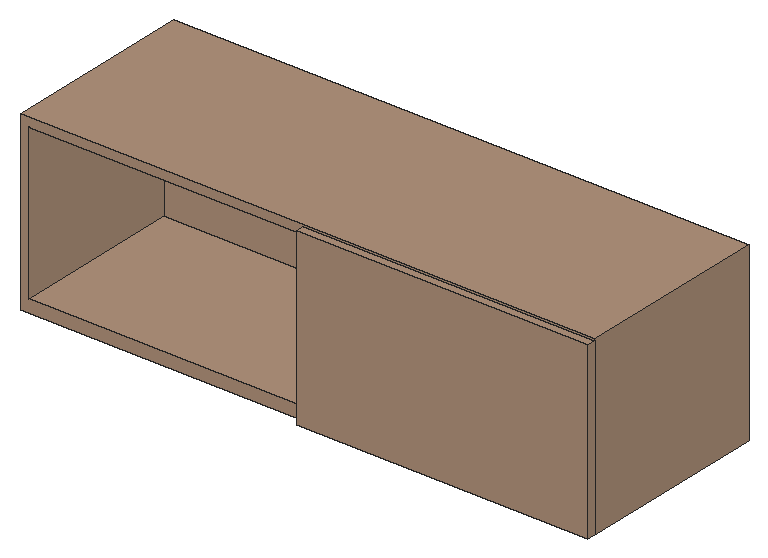
Revit family "Storage-Mounted-Teknion-BOCSS_Overhead_Cabinet_Solid_Overlay_Sliding_Door-R2018", category Furniture, Revit 2018
Family settings
  OmniClass Number = 23.40.20.00
  OmniClass Title = General Furniture and Specialties
  Work Plane-Based = No
  Always vertical = Yes
  Cut with Voids When Loaded = No
  Shared = Yes
  Room Calculation Point = No
Parameters (values of type "Wall Mounted, One Door, 16" Depth")
  Width [instance] = 48.000"
  Warranty = "http://www.teknion.com/ca/papers/legal-canada"
  Unit Weight URL = "http://www.teknion.com/ca/tools/assets#&asset=bee6a381-b954-425e-8283-5a2de3a804f2,f828d448-4b62-4231-9e5f-9a8991c0ed77"
  URL = "www.teknion.com"
  Two Doors = no
  To render please download texture images found here [instance] = "https://assets.teknion.com/web/5e81352c1dfdb467/revit-material-swatches/"
  Sustainability Data = "https://www.teknion.com/ca/tools/assets#&topic=216f99a5-57a0-44fc-b10a-9dee9b29ae4c&asset=444deb64-fe58-4b68-981e-f75e97781df7,b4ff2d81-9f2e-437d-9659-7cffb09c31cf"
  Series = "Expansion Casegoods"  # constant formula
  Pull Finish [instance] = Paint - Teknion - Mica - Very White
  Product Page URL = "https://www.teknion.com/ca/products/product-details?productLineId=0053336e-8e7a-673b-a6c8-ff00004460c4"
  Product Line = "Expansion Casegoods"  # constant formula
  Product Documentation Link = "https://www.teknion.com/pricing/expansion-casegoods/pdfs/Bocss_ppg.pdf"
  Part Number = "BOCSS"  # constant formula
  Overlay Door Finish [instance] = Source Laminate - Teknion - 3M - Provincial Oak
  Model = "BOCSSWO16__15_"
  Middle Shelf Divider [instance] = Width > 49.000"  # no
  Manufacturer Phone = "416-661-3370"  # constant formula
  Manufacturer Fax = "416.661.4586"  # constant formula
  Manufacturer Contact Information = "http://www.teknion.com/ca/contactus"
  Manufacturer Address = "1150 Flint Road, Toronto, ON. M3J 2J5. Canada"  # constant formula
  Manufacturer = "Teknion"  # constant formula
  Inset Door Finish [instance] = Source Laminate - Teknion - 3M - Provincial Oak
  How To Use Teknion Materials User Guide [instance] = "https://assets.teknion.com/m/205dd0a49fa58060/original/How-to-add-a-Material-Library-and-Texture-Images-to-your-Revit-project.pdf"
  For Additional Finishes please visit [instance] = "https://assets.teknion.com/m/44a8009b046e5d47/original/Teknion_Materials_Library.zip"
  Divider Depth Offset = 1.567"
  Description = "Overhead Cabinet – Solid Overlay Sliding Door, Wall Mounted, One Door, 16\" Depth, 15\" Height"
  Depth = 16.673"
  Case Finish [instance] = Source Laminate - Teknion - 3M - Provincial Oak (Cross Grain)
  Available Widths [instance] = "30\", 36\", 42\", 48\", 54\", 60\", 66\", 72\", 78\", or 84\""  # constant formula
  Assembly Code = "E2020200"
  Actual Width [instance] = if(Width = 30.000", 29.850", if(Width = 36.000", 35.819", if(Width = 42.000", 41.791", if(Width = 48.000", 47.760", if(Width = 54.000", 53.728", if(Width = 60.000", 59.701", if(Width = 66.000", 65.669", if(Width = 72.000", 71.642", if(Width = 78.000", 77.610", 83.579")))))))))  # 47.760"
Types (5): name | Two Doors | Model | Divider Depth Offset | Description | Depth
  (no name) | no | "BOCSSWO16__15_" | 1.567" | "Overhead Cabinet – Solid Overlay Sliding Door, Wall Mounted, One Door, 16\" Depth, 15\" Height" | 16.673"
  Wall Mounted, Two Doors, 16" Depth | yes | "BOCSSWT16__15_" | 2.38583" | "Overhead Cabinet – Solid Overlay Sliding Door, Wall Mounted, Two Doors, 16\" Depth, 15\" Height" | 16.673"
  Wall Panel Mounted, One Door, 18" Depth | no | "BOCSSBO18__15_" | 1.567" | "Overhead Cabinet – Solid Overlay Sliding Door, Wall Panel Mounted, One Door, 18\" Depth, 15\" Height" | 18.000"
  Wall Panel Mounted, Two Doors, 18" Depth | yes | "BOCSSBT18__15_" | 2.38583" | "Overhead Cabinet – Solid Overlay Sliding Door, Wall Panel Mounted, Two Doors, 18\" Depth, 15\" Height" | 18.000"
  Wall Mounted, One Door, 16" Depth | no | "BOCSSWO16__15_" | 1.567" | "Overhead Cabinet – Solid Overlay Sliding Door, Wall Mounted, One Door, 16\" Depth, 15\" Height" | 16.673"
Reference planes (in)
  plane 1 "Center Front/Back": y = 0.3256
  plane 2: z = 0
  plane 3 "Center Left/Right": x = -0.80272
  plane 4 "Left": x = -24.68272
  plane 5 "Right": x = 23.07728
  plane 6 "Back": y = 8.6621
  plane 7 "Front": y = -8.0109
  plane 8 "Top": z = 65.37401
  plane 9: z = 50.80709
Forms (in)
  Sweep 1, solid, material "Source Laminate - Teknion - 3M - Provincial Oak (Cross Grain)" <- "Case Finish"
    path origin (0, 0, 0) x (1, 0, 0) y (0, 1, 0)
      loop
        line (-0.80272, -7.31011) -> (-0.80272, 8.6621)
    profile origin (-0.80272, 0.67599, 0) x (-1, 0, 0) y (0, 0, 1)
      loop
        line (23.88, 65.37401) -> (-23.88, 65.37401) -> (-23.88, 50.80709) -> (23.88, 50.80709) -> (23.88, 65.37401)
      loop
        line (23.17921, 64.67323) -> (-23.17921, 64.67323) -> (-23.17921, 51.82284) -> (23.17921, 51.82284) -> (23.17921, 64.67323)
  Sweep 2, solid, material "Source Laminate - Teknion - 3M - Provincial Oak" <- "Overlay Door Finish"
    path origin (0, 0, 0) x (1, 0, 0) y (0, 1, 0)
      loop
        line (19.91677, -8.0109) -> (19.91677, -7.31011)
    profile origin (19.91677, -7.66051, 0) x (-1, 0, 0) y (0, 0, 1)
      loop
        line (21.06988, 50.80709) -> (21.06988, 65.25591) -> (-3.16051, 65.25591) -> (-3.16051, 50.80709) -> (21.06988, 50.80709)
  Sweep 3, solid, material "Paint - Teknion - Mica - Very White" <- "Pull Finish", visible <- "Two Doors"
    path origin (0, 0, 0) x (1, 0, 0) y (0, 1, 0)
      loop
        line (-22.78902, -5.81878) -> (-22.78902, -6.4735)
    profile origin (-22.78902, -6.14614, 0) x (1, 0, 0) y (0, 0, 1)
      loop
        circle (0, 58.34645) r 0.51496
  Sweep 4, void
    path origin (0, 0, 0) x (1, 0, 0) y (0, 1, 0)
      loop
        line (-22.78902, -6.4735) -> (-22.78902, -5.93689)
    profile origin (-22.78902, -6.20519, 0) x (-1, 0, 0) y (0, 0, 1)
      loop
        circle (0, 58.34645) r 0.43977
  Sweep 5, solid, material "Source Laminate - Teknion - 3M - Provincial Oak" <- "Inset Door Finish", visible <- "Two Doors"
    path origin (0, 0, 0) x (1, 0, 0) y (0, 1, 0)
      loop
        line (-21.55272, -6.44397) -> (-21.55272, -5.74319)
    profile origin (-21.55272, -6.09358, 0) x (-1, 0, 0) y (0, 0, 1)
      loop
        line (2.42921, 64.67323) -> (-21.10039, 64.67323) -> (-21.10039, 52.01969) -> (2.42921, 52.01969) -> (2.42921, 64.67323)
  Sweep 6, void
    path origin (0, 0.3256, 0) x (1, 0, 0) y (0, 0, 1)
      loop
        line (-0.80272, 50.80709) -> (-0.80272, 64.67323)
    profile origin (-0.80272, 0.3256, 57.74016) x (-1, 0, 0) y (0, -1, 0)
      loop
        line (23.17921, -8.3365) -> (23.17921, -7.14359) -> (-23.17921, -7.14359) -> (-23.17921, -8.3365) -> (23.17921, -8.3365)
  Sweep 7, solid, material "Source Laminate - Teknion - 3M - Provincial Oak (Cross Grain)" <- "Case Finish", visible <- "Middle Shelf Divider"
    path origin (0, 0, 0) x (1, 0, 0) y (0, 1, 0)
      loop
        line (-0.45232, 0.3256) -> (-1.15311, 0.3256)
    profile origin (-0.80272, 0.3256, 0) x (0, -1, 0) y (0, 0, 1)
      loop
        line (-6.4428, 64.67323) -> (-6.4428, 51.82284) -> (6.7695, 51.82284) -> (6.7695, 64.67323) -> (-6.4428, 64.67323)
  Sweep 8, solid, material "Source Laminate - Teknion - 3M - Provincial Oak (Cross Grain)" <- "Case Finish"
    path origin (0, 0, 0) x (1, 0, 0) y (0, 1, 0)
      loop
        line (-0.80272, 6.7684) -> (-0.80272, 7.46919)
    profile origin (-0.80272, 7.11879, 0) x (-1, 0, 0) y (0, 0, 1)
      loop
        line (23.17921, 51.82284) -> (23.17921, 64.67323) -> (-23.17921, 64.67323) -> (-23.17921, 51.82284) -> (23.17921, 51.82284)
Cuts and joins
  Sweep 4 cuts Sweep 3
  Sweep 6 cuts Sweep 1
  joined: Sweep 1, Sweep 8
  Sweep 4 cuts Sweep 5
Lines and regions (in)
  Masking region 1
    outline origin (0, 0, 0) x (1, 0, 0) y (0, 1, 0)
      loop
        line (-24.68272, 8.6621) -> (-24.68272, -7.31011) -> (-1.15311, -7.31011) -> (-1.15311, -8.0109) -> (23.07728, -8.0109) -> (23.07728, 8.6621) -> (-24.68272, 8.6621)
  symbolic lines, style "FurnitureHiddenLines", detail levels medium+fine
    curve 1: line (-23.98193, 7.46919, 0) -> (-23.98193, 8.6621, 0)
    curve 2: line (-23.98193, 7.46919, 0) -> (22.37649, 7.46919, 0)
    curve 3: line (22.37649, 8.6621, 0) -> (22.37649, 7.46919, 0)
    curve 4: line (-23.98193, -7.31011, 0) -> (-23.98193, 6.7684, 0)
    curve 5: line (22.37649, 6.7684, 0) -> (-23.98193, 6.7684, 0)
    curve 6: line (22.37649, 6.7684, 0) -> (22.37649, -7.31011, 0)
  symbolic lines, style "FurnitureHiddenLines", visible <- "Two Doors", detail levels medium+fine
    curve 7: line (-0.45232, -6.44397, 0) -> (-23.98193, -6.44397, 0)
    curve 8: line (-0.45232, -5.74319, 0) -> (-23.98193, -5.74319, 0)
    curve 9: line (-0.45232, -6.44397, 0) -> (-0.45232, -5.74319, 0)
  symbolic lines, style "FurnitureHiddenLines", visible <- "Middle Shelf Divider", detail levels medium+fine
    curve 10: line (-1.15311, 6.7684, 0) -> (-1.15311, -6.4439, 0)
    curve 11: line (-0.45232, 6.7684, 0) -> (-0.45232, -6.4439, 0)
    curve 12: line (-1.15311, -6.4439, 0) -> (-0.45232, -6.4439, 0)
  symbolic lines, style "FurnitureHiddenLines", visible <- "Two Doors", detail levels fine
    curve 13: line (-23.30398, -5.81878, 0) -> (-22.27406, -5.81878, 0)
    curve 14: line (-23.30398, -6.4735, 0) -> (-22.27406, -6.4735, 0)
    curve 15: line (-23.30398, -5.81878, 0) -> (-23.30398, -6.4735, 0)
    curve 16: line (-22.27406, -5.81878, 0) -> (-22.27406, -6.4735, 0)
  symbolic lines
    curve 17: line (23.07728, -7.31011, 0) -> (-1.15311, -7.31011, 0)
Dimensions and locks (in)
  "Actual Width": plane 4 "Left" to plane 5 "Right"
  "Depth": plane 6 "Back" to plane 7 "Front"
  locked: plane 8 "Top" to level at 65.37401
  equal spacing: plane 4 "Left", plane 3 "Center Left/Right", plane 5 "Right"
  equal spacing: plane 7 "Front", plane 1 "Center Front/Back", plane 6 "Back"
  locked: plane 8 "Top" to plane 9 at 14.56693
  locked: plane 7 "Front" to Sweep 1 sketch curve at 0.70079
  locked: plane 8 "Top" to Sweep 1 sketch curve at 0.70078
  locked: Sweep 1 sketch curve to plane 5 "Right" at 0.70079
  locked: Sweep 1 sketch curve to plane 4 "Left" at 0.70079
  locked: Sweep 1 sketch curve to plane 9 at 1.01575
  locked: plane 7 "Front" to Sweep 2 sketch curve at 0.70079
  locked: plane 3 "Center Left/Right" to Sweep 2 sketch curve at 0.3504
  locked: plane 8 "Top" to Sweep 2 sketch curve at 0.11811
  plane 7 "Front" to Sweep 3 sketch curve to Sweep 3 sketch curve = 1.5374" locked, 0.65473" locked
  locked: plane 4 "Left" to Sweep 3 sketch curve at 1.8937
  locked: Sweep 3 sketch curve to plane 4 "Left" at 1.8937
  locked: plane 8 "Top" to Sweep 3 sketch curve at 7.02756
  plane 7 "Front" to Sweep 4 sketch curve to Sweep 4 sketch curve = 1.5374" locked, 0.53661" locked
  locked: plane 4 "Left" to Sweep 4 sketch curve at 1.8937
  locked: Sweep 4 sketch curve to plane 4 "Left" at 1.8937
  locked: plane 8 "Top" to Sweep 4 sketch curve at 7.02756
  plane 7 "Front" to Sweep 5 sketch curve to Sweep 5 sketch curve = 1.56693" locked, 0.70079" locked
  locked: Sweep 5 sketch curve to plane 4 "Left" at 0.70079
  locked: Sweep 5 sketch curve to plane 3 "Center Left/Right" at 0.35039
  locked: plane 8 "Top" to Sweep 5 sketch curve at 0.70078
  locked: Sweep 5 sketch curve to plane 9 at 1.2126
  locked: plane 6 "Back" to Sweep 6 sketch curve at 1.19291
  locked: plane 4 "Left" to Sweep 6 sketch curve at 0.70079
  locked: Sweep 6 sketch curve to plane 5 "Right" at 0.70079
  locked: plane 8 "Top" to Sweep 6 sketch curve at 0.70078
  locked: plane 8 "Top" to Sweep 7 sketch curve at 0.70078
  locked: plane 6 "Back" to Sweep 7 sketch curve at 1.8937
  "Divider Depth Offset": Sweep 7 sketch curve to plane 7 "Front"
  locked: Sweep 7 sketch curve to plane 9 at 1.01575
  plane 6 "Back" to Sweep 8 sketch curve to Sweep 8 sketch curve = 1.19291" locked, 0.70079" locked
  locked: plane 8 "Top" to Sweep 8 sketch curve at 0.70078
  locked: Sweep 8 sketch curve to plane 4 "Left" at 0.70079
  locked: Sweep 8 sketch curve to plane 9 at 1.01575
  locked: Sweep 8 sketch curve to plane 5 "Right" at 0.70079
  plane 4 "Left" to curve 15 to curve 16 = 1.37874" locked, 1.02992" locked
  aligned and locked: level to plane 2
  aligned and locked: plane 6 "Back" to Sweep 1 sketch curve
  aligned and locked: plane 3 "Center Left/Right" to Sweep 1 sketch curve
  aligned and locked: plane 4 "Left" to Sweep 1 sketch curve
  aligned and locked: plane 8 "Top" to Sweep 1 sketch curve
  aligned and locked: plane 9 to Sweep 1 sketch curve
  aligned and locked: Sweep 1 sketch curve to plane 5 "Right"
  aligned and locked: plane 7 "Front" to Sweep 2 sketch curve
  aligned and locked: Sweep 2 sketch curve to plane 5 "Right"
  aligned and locked: Sweep 2 sketch curve to plane 9
  aligned and locked: plane 9 to Sweep 6 sketch curve
  aligned and locked: plane 3 "Center Left/Right" to Sweep 6 sketch curve
  aligned and locked: Sweep 6 sketch curve to plane 6 "Back"
  aligned and locked: plane 3 "Center Left/Right" to Sweep 8 sketch curve
  aligned and locked: Masking region 1 sketch curve to plane 4 "Left"
  aligned and locked: cut or joined group of Sweep 1, Sweep 6, Sweep 8 to Masking region 1 sketch curve
  aligned and locked: Masking region 1 sketch curve to Sweep 2  (x2)
  aligned and locked: Masking region 1 sketch curve to plane 5 "Right"
  aligned and locked: Masking region 1 sketch curve to plane 6 "Back"
  aligned and locked: cut or joined group of Sweep 1, Sweep 6, Sweep 8 to curve 1
  aligned and locked: curve 2 to cut or joined group of Sweep 1, Sweep 6, Sweep 8
  aligned and locked: curve 3 to cut or joined group of Sweep 1, Sweep 6, Sweep 8
  aligned and locked: curve 4 to cut or joined group of Sweep 1, Sweep 6, Sweep 8
  aligned and locked: curve 5 to cut or joined group of Sweep 1, Sweep 6, Sweep 8
  aligned and locked: cut or joined group of Sweep 1, Sweep 6, Sweep 8 to curve 6
  aligned and locked: curve 7 to cut or joined group of Sweep 4, Sweep 5
  aligned and locked: curve 8 to cut or joined group of Sweep 4, Sweep 5
  aligned and locked: curve 9 to cut or joined group of Sweep 4, Sweep 5
  aligned and locked: curve 10 to Sweep 7
  aligned and locked: curve 11 to Sweep 7
  aligned and locked: curve 12 to Sweep 7
  aligned and locked: curve 13 to cut or joined group of Sweep 3, Sweep 4
  aligned and locked: curve 14 to cut or joined group of Sweep 3, Sweep 4
  aligned and locked: curve 17 to Sweep 2
Automatic sketch dimensions
  plane 3 "Center Left/Right" to Sweep 2 sketch curve = 20.71949"
  Sweep 5 sketch curve to plane 3 "Center Left/Right" = 20.750"
  plane 1 "Center Front/Back" to Sweep 7 sketch curve = 0.000"
  Sweep 7 sketch curve to plane 3 "Center Left/Right" = 0.3504"
  plane 3 "Center Left/Right" to Sweep 7 sketch curve = 0.35039"
  curve 1 to plane 6 "Back" = 0.000"
  curve 3 to plane 6 "Back" = 0.000"
  curve 4 to plane 7 "Front" = 0.70079"
  curve 17 to plane 5 "Right" = 0.000"
  curve 17 to plane 3 "Center Left/Right" = 0.3504"
  radius of Sweep 3 sketch curve = 0.51496"
  radius of Sweep 4 sketch curve = 0.43977"
